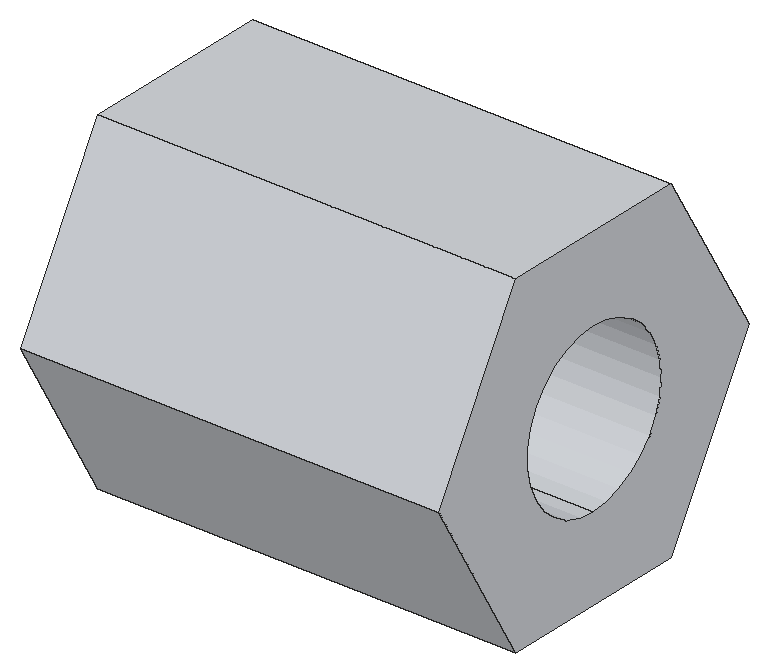
Revit family "TR2002", category Verbindungsmittel, Revit 2021
Family settings
  OmniClass-Nummer = 23.25.10.27.11.21
  OmniClass-Titel = Reinforcement Couplers
  Arbeitsebenenbasiert = Nein
  Immer vertikal = Nein
  Beim Laden mit Abzugskörper schneiden = Nein
  Gemeinsam genutzt = Nein
Parameters (values of type "TR 2002-ø18")
  URL = "http//:www.annahuette.com"
  Typenkommentare = "TR 2002 - Ankermutter"
  Typenbild = TR2002.png
  TR2002-ød = 18 mm
  TR2002-SW_Vis = [TR2002-SW] = [TR2002-SW]  # yes
  TR2002-SW = 36 mm
  TR2002-L_Vis = [TR2002-L] = [TR2002-L]  # yes
  TR2002-L = 45 mm
  TR2002-G_Vis = [TR2002-G] = [TR2002-G]  # yes
  TR2002-G = 0.29 kg
  Stabgröße 2 = Keine
  Stabgröße 1 = SAS 670 - ø18
  Modell = "TR 2002"
  Körper = if([TR2002-G_Vis], [TR2002-G], 0.00 kg)  # 0,29 kg
  Hersteller = "Stahlwerk Annahütte Max Aicher GmbH Co. KG"
  Gesamtlänge = if([TR2002-L_Vis], [TR2002-L], 0 mm)  # 45 mm
  Endenbearbeitung 2 = Mit Gewinde
  Endenbearbeitung 1 = Mit Gewinde
  Einfassung Stab 2 = 0 mm  # constant formula
  Einfassung Stab 1 = if([TR2002-L_Vis], [TR2002-L], 0 mm)  # 45 mm
  Beschreibung = "TR2002-ø18"
  Außendurchmesser = if([TR2002-SW_Vis], [TR2002-SW], 0 mm)  # 36 mm
Types (11, lengths in mm): name | TR2002-ød | TR2002-SW | TR2002-L | TR2002-G | Stabgröße 1 | Körper | Hersteller | Gesamtlänge | Einfassung Stab 2 | Einfassung Stab 1 | Beschreibung | Außendurchmesser
  (no name) | 18 | 36 | 45 | 0.29 kg | SAS 670 - ø18 | 0.29 (stored number, unit not read) | "Stahlwerk Annahütte Max Aicher GmbH Co. KG" | 45 | (empty or 0) | 0.14764 (stored number, unit not read) | "TR2002-ø18" | 36
  TR 2002-ø18 | 18 | 36 | 45 | 0.29 kg | SAS 670 - ø18 | 0,29 kg | "Stahlwerk Annahütte Max Aicher GmbH Co. KG" | 45 | 0 mm | 45 mm | "TR2002-ø18" | 36
  TR 2002-ø22 | 22 | 41 | 50 | 0.39 kg | SAS 670 - ø22 | 0,39 kg | "Stahlwerk Annahütte Max Aicher GmbH Co.KG" | 50 | 0 mm | 50 mm | "TR2002-ø22" | 41
  TR 2002-ø25 | 25 | 46 | 55 | 0.53 kg | SAS 670 - ø25 | 0,53 kg | "Stahlwerk Annahütte Max Aicher GmbH Co.KG" | 55 | 0 mm | 55 mm | "TR2002-ø25" | 46
  TR 2002-ø28 | 28 | 50 | 60 | 0.67 kg | SAS 670 - ø28 | 0,67 kg | "Stahlwerk Annahütte Max Aicher GmbH Co.KG" | 60 | 0 mm | 60 mm | "TR2002-ø28" | 50
  TR 2002-ø30 | 30 | 55 | 65 | 0.90 kg | SAS 670 - ø30 | 0,90 kg | "Stahlwerk Annahütte Max Aicher GmbH Co.KG" | 65 | 0 mm | 65 mm | "TR2002-ø30" | 55
  TR 2002-ø35 | 35 | 65 | 70 | 1.38 kg | SAS 670 - ø35 | 1,38 kg | "Stahlwerk Annahütte Max Aicher GmbH Co.KG" | 70 | 0 mm | 70 mm | "TR2002-ø35" | 65
  TR 2002-ø43 | 43 | 80 | 90 | 2.62 kg | SAS 670 - ø43 | 2,62 kg | "Stahlwerk Annahütte Max Aicher GmbH Co.KG" | 90 | 0 mm | 90 mm | "TR2002-ø43" | 80
  TR 2002-ø50 | 50 | 80 | 100 | 2.53 kg | SAS 670 - ø50 | 2,53 kg | "Stahlwerk Annahütte Max Aicher GmbH Co.KG" | 100 | 0 mm | 100 mm | "TR2002-ø50" | 80
  TR 2002-ø57,5 | 57.5 | 90 | 120 | 4.53 kg | SAS 670 - ø57,5 | 4,53 kg | "Stahlwerk Annahütte Max Aicher GmbH Co.KG" | 120 | 0 mm | 120 mm | "TR2002-ø57,5" | 90
  TR 2002-ø63,5 | 63.5 | 100 | 145 | 6.97 kg | SAS 670 - ø63,5 | 6,97 kg | "Stahlwerk Annahütte Max Aicher GmbH Co.KG" | 145 | 0 mm | 145 mm | "TR2002-ø63,5" | 100
Reference planes
  plane 1: y = 0
  plane 2: z = 0
  plane 3: x = 0
  plane 4: through (-1200, 0, 0) normal (0, -0.866, -0.5)
  plane 5: through (-1200, 0, 0) normal (0, -0.866, 0.5)
Forms (mm)
  Extrusion 1, solid
    sketch origin (0, 0, 0) x (0, 0, 1) y (0, 1, 0)
      loop
        line (-18, -10.392) -> (0, -20.785) -> (18, -10.392) -> (18, 10.392) -> (0, 20.785) -> (-18, 10.392) -> (-18, -10.392)
      loop
        circle (0, 0) r 9
    from 0 to 45 <- "TR2002-L"
Dimensions and locks
  "TR2002-SW": Extrusion 1 sketch curve to Extrusion 1 sketch curve  (x3)
  "Gesamtlänge": Extrusion 1 to plane 3
  "TR2002-ød": diameter of Extrusion 1 sketch curve
  angle plane 4 to plane 5 = 60.00°
Automatic sketch dimensions
  plane 4 to Extrusion 1 sketch curve = 0 mm  (x2)
  Extrusion 1 sketch curve to plane 5 = 0 mm
  Extrusion 1 sketch curve to level = 0 mm  (x3)
  Extrusion 1 sketch curve to plane 1 = 0 mm
